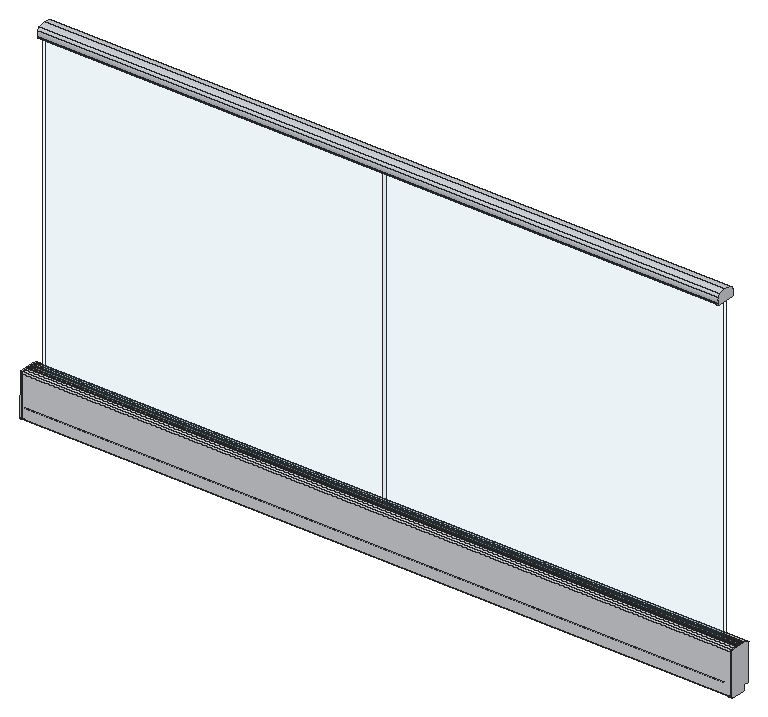
Revit family "Panorama", category Generic Models, Revit 2020 (continued)
Definition of nested family "ART TOP RAIL"
  Automatic sketch dimensions
    Extrusion 1 sketch curve to plane 1 "Center (Front/Back)" = 25.48 mm
    Extrusion 1 sketch curve to Extrusion 1 sketch curve = 10.175 mm
    level to Extrusion 1 sketch curve = 75.731 mm
    level to Extrusion 1 sketch curve = 120 mm
    Extrusion 1 sketch curve to Extrusion 1 sketch curve = 9.729 mm
    Extrusion 1 sketch curve to Extrusion 1 sketch curve = 9.845 mm
    Extrusion 1 sketch curve to Extrusion 1 sketch curve = 34.904 mm
    Extrusion 1 sketch curve to Extrusion 1 sketch curve = 3.391 mm
    Extrusion 1 sketch curve to Extrusion 1 sketch curve = 2.106 mm
    Extrusion 1 sketch curve to Extrusion 1 sketch curve = 0 mm  (x2)
    Sweep 2 sketch curve to profile plane = 0 mm  (x4)
    Sweep 2 sketch curve to Sweep 2 sketch curve = 1.984 mm
    Sweep 2 sketch curve to Sweep 2 sketch curve = 0 mm  (x2)
    Sweep 3 sketch curve to profile plane = 0 mm  (x2)
    profile plane to Sweep 3 sketch curve = 0 mm  (x2)
    Sweep 3 sketch curve to Sweep 3 sketch curve = 2 mm
    Sweep 3 sketch curve to Sweep 3 sketch curve = 0 mm  (x2)
Definition of nested family "PRR TOP RAIL"
  Parameters (values of type "PRR TOP RAIL")
    PRR TOP RAIL = yes
    Length [instance] = 1500 mm
    Default Elevation = 0 mm
  Reference planes
    plane 1 "Center (Front/Back)": y = 0
    plane 2: z = 0
    plane 3 "Center (Left/Right)": x = 0
    plane 4: x = 1500
  Forms (mm)
    Extrusion 1, solid, visible <- "PRR TOP RAIL"
      sketch origin (0, 0.231, 0) x (0, 1, 0) y (0, 0, 1)
        loop
          line (32.009, 24.295) -> (-31.981, 24.295)
          arc (-31.981, 24.295) -> (-33.391, 23.713) -> (-33.981, 22.305) r 2
          line (-33.981, 22.305) -> (-33.981, 2.295)
          arc (-33.981, 2.295) -> (-33.391, 0.877) -> (-31.97, 0.295) r 2
          line (-31.97, 0.295) -> (32.009, 0.295)
          arc (32.009, 0.295) -> (33.43, 0.884) -> (34.019, 2.305) r 2.011
          line (34.019, 2.305) -> (34.019, 22.305)
          arc (34.019, 22.305) -> (33.429, 23.72) -> (32.009, 24.295) r 1.99
      from 0 to 1500
  Dimensions and locks
    "Length": plane 3 "Center (Left/Right)" to plane 4
    Extrusion 1 to plane 1 "Center (Front/Back)" = 34.25 mm
    locked: plane 1 "Center (Front/Back)" to Extrusion 1 at 33.75
    aligned and locked: level to plane 2
    aligned and locked: plane 4 to Extrusion 1
  Automatic sketch dimensions
    level to Extrusion 1 sketch curve = 2.295 mm
    plane 1 "Center (Front/Back)" to Extrusion 1 sketch curve = 33.75 mm
    Extrusion 1 sketch curve to Extrusion 1 sketch curve = 2 mm  (x2)
    level to Extrusion 1 sketch curve = 0.295 mm
    Extrusion 1 sketch curve to plane 1 "Center (Front/Back)" = 32.239 mm
    Extrusion 1 sketch curve to Extrusion 1 sketch curve = 0 mm
    Extrusion 1 sketch curve to Extrusion 1 sketch curve = 0.021 mm
    Extrusion 1 sketch curve to Extrusion 1 sketch curve = 2.011 mm
    Extrusion 1 sketch curve to Extrusion 1 sketch curve = 20 mm  (x2)
Definition of nested family "VRR TOP RAIL"
  Parameters (values of type "VRR TOP RAIL")
    VRR TOP RAIL = yes
    Length [instance] = 301.459 mm
    Default Elevation = 0 mm
  Reference planes
    plane 1 "Center (Front/Back)": y = 0
    plane 2: z = 0
    plane 3 "Center (Left/Right)": x = 0
    plane 4: y = -301.459
  Forms (mm)
    Extrusion 1, solid, visible <- "VRR TOP RAIL"
      sketch origin (0, 0, 0) x (1, 0, 0) y (0, 0, 1)
        loop
          arc (-28.711, 42.472) -> (-30.125, 41.887) -> (-30.711, 40.472) r 2
          line (-30.711, 40.472) -> (-30.711, 14.446)
          arc (-30.711, 14.446) -> (-30.124, 13.028) -> (-28.705, 12.441) r 2.006
          line (-28.705, 12.441) -> (31.289, 12.441)
          arc (31.289, 12.441) -> (32.703, 13.026) -> (33.289, 14.441) r 2
          line (33.289, 14.441) -> (33.289, 40.472)
          arc (33.289, 40.472) -> (32.703, 41.887) -> (31.289, 42.472) r 2
          line (31.289, 42.472) -> (-28.711, 42.472)
      from 0 to 301.459
  Dimensions and locks
    "Length": plane 4 to plane 1 "Center (Front/Back)"
    aligned and locked: level to plane 2
    aligned and locked: Extrusion 1 to plane 4
    aligned and locked: Extrusion 1 to plane 1 "Center (Front/Back)"
  Automatic sketch dimensions
    Extrusion 1 sketch curve to plane 3 "Center (Left/Right)" = 30.711 mm
    Extrusion 1 sketch curve to Extrusion 1 sketch curve = 2 mm  (x2)
    Extrusion 1 sketch curve to Extrusion 1 sketch curve = 2.006 mm
    plane 3 "Center (Left/Right)" to Extrusion 1 sketch curve = 31.289 mm
    level to Extrusion 1 sketch curve = 12.441 mm
    Extrusion 1 sketch curve to Extrusion 1 sketch curve = 0 mm
    Extrusion 1 sketch curve to Extrusion 1 sketch curve = 26.026 mm
Definition of nested family "ART Side RAIL"
  Parameters (values of type "ART Side RAIL")
    Length [instance] = 500 mm
    Default Elevation = 0 mm
    ART TOP RAIL = yes
  Reference planes
    plane 1 "Center (Front/Back)": y = 0
    plane 2: z = 0
    plane 3 "Center (Left/Right)": x = 0
    plane 4: x = 500
  Forms (mm)
    Extrusion 1, solid, visible <- "ART TOP RAIL"
      sketch origin (0, 0, 96.171) x (0, 1, 0) y (0, 0, 1)
        loop
          arc (38.175, 37.309) -> (-2.586, 49.823) -> (-43.078, 36.466) r 70.267
          arc (-43.078, 36.466) -> (-44.561, 33.559) -> (-43.078, 30.652) r 3.59
          arc (-43.078, 30.652) -> (-36.808, 26.768) -> (-30.044, 23.829) r 51.019
          line (-30.044, 23.829) -> (25.48, 23.829)
          arc (25.48, 23.829) -> (32.062, 26.453) -> (38.175, 30.038) r 46.894
          arc (38.175, 30.038) -> (40.078, 33.674) -> (38.175, 37.309) r 4.423
      from 0 to 500
    Sweep 2, void
      path in 3D
        loop
          arc (500, 38.175, 133.48) -> (500, 40.078, 129.845) -> (500, 38.175, 126.209) r 4.423
          arc (500, 38.175, 126.209) -> (500, 32.062, 122.624) -> (500, 25.48, 120) r 46.894
          line (500, 25.48, 120) -> (500, -30.044, 120)
          arc (500, -30.044, 120) -> (500, -36.808, 122.939) -> (500, -43.078, 126.822) r 51.019
          arc (500, -43.078, 126.822) -> (500, -44.561, 129.729) -> (500, -43.078, 132.637) r 3.59
          arc (500, -43.078, 132.637) -> (500, -2.586, 145.994) -> (500, 38.175, 133.48) r 70.267
      profile origin (500, -2.586, 145.994) x (0, -0.01038, 0.999946) y (1, 0, 0)
        loop
          line (0, 0) -> (-1.984, 0)
          arc (-1.984, 0) -> (-0.581, -0.581) -> (0, -1.984) r 1.984
          line (0, -1.984) -> (0, 0)
    Sweep 3, void
      path in 3D
        loop
          arc (0, -43.078, 132.637) -> (0, -44.561, 129.729) -> (0, -43.078, 126.822) r 3.59
          arc (0, -43.078, 126.822) -> (0, -36.808, 122.939) -> (0, -30.044, 120) r 51.019
          line (0, -30.044, 120) -> (0, 25.48, 120)
          arc (0, 25.48, 120) -> (0, 32.062, 122.624) -> (0, 38.175, 126.209) r 46.894
          arc (0, 38.175, 126.209) -> (0, 40.078, 129.845) -> (0, 38.175, 133.48) r 4.423
          arc (0, 38.175, 133.48) -> (0, -2.586, 145.994) -> (0, -43.078, 132.637) r 70.267
      profile origin (0, -2.586, 145.994) x (0, -0.01038, 0.999946) y (-1, 0, 0)
        loop
          line (0, 0) -> (-2, 0)
          arc (-2, 0) -> (-0.586, -0.586) -> (0, -2) r 2
          line (0, -2) -> (0, 0)
  Cuts and joins
    Sweep 2, Sweep 3 cuts Extrusion 1
  Lines and regions (mm)
    sketch lines
      curve 1: arc (500, -43.078, 132.637) -> (500, -2.586, 145.994) -> (500, 38.175, 133.48) r 70.267
      curve 2: arc (500, -43.078, 126.822) -> (500, -44.561, 129.729) -> (500, -43.078, 132.637) r 3.59
      curve 3: arc (500, -30.044, 120) -> (500, -36.808, 122.939) -> (500, -43.078, 126.822) r 51.019
      curve 4: line (500, -30.044, 120) -> (500, 25.48, 120)
      curve 5: arc (500, 38.175, 126.209) -> (500, 32.062, 122.624) -> (500, 25.48, 120) r 46.894
      curve 6: arc (500, 38.175, 133.48) -> (500, 40.078, 129.845) -> (500, 38.175, 126.209) r 4.423
      curve 7: arc (0, 38.175, 133.48) -> (0, -2.586, 145.994) -> (0, -43.078, 132.637) r 70.267
      curve 8: arc (0, -43.078, 132.637) -> (0, -44.561, 129.729) -> (0, -43.078, 126.822) r 3.59
      curve 9: arc (0, -43.078, 126.822) -> (0, -36.808, 122.939) -> (0, -30.044, 120) r 51.019
      curve 10: line (0, 25.48, 120) -> (0, -30.044, 120)
      curve 11: arc (0, 25.48, 120) -> (0, 32.062, 122.624) -> (0, 38.175, 126.209) r 46.894
      curve 12: arc (0, 38.175, 126.209) -> (0, 40.078, 129.845) -> (0, 38.175, 133.48) r 4.423
  Dimensions and locks
    "Length": plane 3 "Center (Left/Right)" to plane 4
    aligned and locked: level to plane 2
    aligned and locked: plane 4 to Extrusion 1
    aligned and locked: Extrusion 1 to plane 3 "Center (Left/Right)"
  Automatic sketch dimensions
    plane 1 "Center (Front/Back)" to Extrusion 1 sketch curve = 40.972 mm
    Extrusion 1 sketch curve to Extrusion 1 sketch curve = 10.928 mm
    plane 1 "Center (Front/Back)" to Extrusion 1 sketch curve = 13.148 mm
    plane 1 "Center (Front/Back)" to Extrusion 1 sketch curve = 1.856 mm
    Extrusion 1 sketch curve to plane 1 "Center (Front/Back)" = 11.459 mm
    Extrusion 1 sketch curve to plane 1 "Center (Front/Back)" = 25.48 mm
    Extrusion 1 sketch curve to Extrusion 1 sketch curve = 10.175 mm
    level to Extrusion 1 sketch curve = 75.731 mm
    level to Extrusion 1 sketch curve = 120 mm
    Extrusion 1 sketch curve to Extrusion 1 sketch curve = 9.729 mm
    Extrusion 1 sketch curve to Extrusion 1 sketch curve = 9.845 mm
    Extrusion 1 sketch curve to Extrusion 1 sketch curve = 34.904 mm
    Extrusion 1 sketch curve to Extrusion 1 sketch curve = 3.391 mm
    Extrusion 1 sketch curve to Extrusion 1 sketch curve = 2.106 mm
    Extrusion 1 sketch curve to Extrusion 1 sketch curve = 0 mm  (x2)
    Sweep 2 sketch curve to profile plane = 0 mm  (x4)
    Sweep 2 sketch curve to Sweep 2 sketch curve = 1.984 mm
    Sweep 2 sketch curve to Sweep 2 sketch curve = 0 mm  (x2)
    Sweep 3 sketch curve to profile plane = 0 mm  (x2)
    profile plane to Sweep 3 sketch curve = 0 mm  (x2)
    Sweep 3 sketch curve to Sweep 3 sketch curve = 2 mm
    Sweep 3 sketch curve to Sweep 3 sketch curve = 0 mm  (x2)
Definition of nested family "PRR Side rail"
  Parameters (values of type "PRR Side rail")
    PRR TOP RAIL = yes
    Length [instance] = 1500 mm
    Default Elevation = 0 mm
  Reference planes
    plane 1 "Center (Front/Back)": y = 0
    plane 2: z = 0
    plane 3 "Center (Left/Right)": x = 0
    plane 4: x = 1500
  Forms (mm)
    Extrusion 1, solid, visible <- "PRR TOP RAIL"
      sketch origin (0, 0.231, 0) x (0, 1, 0) y (0, 0, 1)
        loop
          line (32.009, 24.295) -> (-31.981, 24.295)
          arc (-31.981, 24.295) -> (-33.391, 23.713) -> (-33.981, 22.305) r 2
          line (-33.981, 22.305) -> (-33.981, 2.295)
          arc (-33.981, 2.295) -> (-33.391, 0.877) -> (-31.97, 0.295) r 2
          line (-31.97, 0.295) -> (32.009, 0.295)
          arc (32.009, 0.295) -> (33.43, 0.884) -> (34.019, 2.305) r 2.011
          line (34.019, 2.305) -> (34.019, 22.305)
          arc (34.019, 22.305) -> (33.429, 23.72) -> (32.009, 24.295) r 1.99
      from 0 to 1500
  Dimensions and locks
    "Length": plane 3 "Center (Left/Right)" to plane 4
    Extrusion 1 to plane 1 "Center (Front/Back)" = 34.25 mm
    locked: plane 1 "Center (Front/Back)" to Extrusion 1 at 33.75
    aligned and locked: level to plane 2
    aligned and locked: plane 4 to Extrusion 1
  Automatic sketch dimensions
    level to Extrusion 1 sketch curve = 2.295 mm
    plane 1 "Center (Front/Back)" to Extrusion 1 sketch curve = 33.75 mm
    Extrusion 1 sketch curve to Extrusion 1 sketch curve = 2 mm  (x2)
    level to Extrusion 1 sketch curve = 0.295 mm
    Extrusion 1 sketch curve to plane 1 "Center (Front/Back)" = 32.239 mm
    Extrusion 1 sketch curve to Extrusion 1 sketch curve = 0 mm
    Extrusion 1 sketch curve to Extrusion 1 sketch curve = 0.021 mm
    Extrusion 1 sketch curve to Extrusion 1 sketch curve = 2.011 mm
    Extrusion 1 sketch curve to Extrusion 1 sketch curve = 20 mm  (x2)
Definition of nested family "VRR SIDE RAIL"
  Parameters (values of type "VRR SIDE RAIL")
    VRR TOP RAIL = yes
    Length [instance] = 301.459 mm
    Default Elevation = 0 mm
  Reference planes
    plane 1 "Center (Front/Back)": y = 0
    plane 2: z = 0
    plane 3 "Center (Left/Right)": x = 0
    plane 4: y = -301.459
  Forms (mm)
    Extrusion 1, solid, visible <- "VRR TOP RAIL"
      sketch origin (0, 0, 0) x (1, 0, 0) y (0, 0, 1)
        loop
          arc (-28.711, 42.472) -> (-30.125, 41.887) -> (-30.711, 40.472) r 2
          line (-30.711, 40.472) -> (-30.711, 14.446)
          arc (-30.711, 14.446) -> (-30.124, 13.028) -> (-28.705, 12.441) r 2.006
          line (-28.705, 12.441) -> (31.289, 12.441)
          arc (31.289, 12.441) -> (32.703, 13.026) -> (33.289, 14.441) r 2
          line (33.289, 14.441) -> (33.289, 40.472)
          arc (33.289, 40.472) -> (32.703, 41.887) -> (31.289, 42.472) r 2
          line (31.289, 42.472) -> (-28.711, 42.472)
      from 0 to 301.459
  Dimensions and locks
    "Length": plane 4 to plane 1 "Center (Front/Back)"
    aligned and locked: level to plane 2
    aligned and locked: Extrusion 1 to plane 4
    aligned and locked: Extrusion 1 to plane 1 "Center (Front/Back)"
  Automatic sketch dimensions
    Extrusion 1 sketch curve to plane 3 "Center (Left/Right)" = 30.711 mm
    Extrusion 1 sketch curve to Extrusion 1 sketch curve = 2 mm  (x2)
    Extrusion 1 sketch curve to Extrusion 1 sketch curve = 2.006 mm
    plane 3 "Center (Left/Right)" to Extrusion 1 sketch curve = 31.289 mm
    level to Extrusion 1 sketch curve = 12.441 mm
    Extrusion 1 sketch curve to Extrusion 1 sketch curve = 0 mm
    Extrusion 1 sketch curve to Extrusion 1 sketch curve = 26.026 mm
Definition of nested family "VRT SIDE RAIL"
  Parameters (values of type "VRT SIDE RAIL")
    VRT TOP RAIL = yes
    Length [instance] = 500 mm
    Default Elevation = 0 mm
  Reference planes
    plane 1 "Center (Front/Back)": y = 0
    plane 2: z = 0
    plane 3 "Center (Left/Right)": x = 0
    plane 4: x = 500
  Forms (mm)
    Extrusion 1, solid, visible <- "VRT TOP RAIL"
      sketch origin (0, 0, 0) x (0, 1, 0) y (0, 0, 1)
        loop
          arc (27.348, 36.161) -> (13.913, 40.274) -> (-0.09, 41.433) r 65.633
          arc (-0.09, 41.433) -> (-12.442, 39.949) -> (-24.291, 36.161) r 65.633
          arc (-24.291, 36.161) -> (-27.669, 31.422) -> (-29.647, 25.948) r 21.42
          arc (-29.647, 25.948) -> (-30.392, 16.537) -> (-28.667, 7.255) r 36.031
          arc (-28.667, 7.255) -> (-27.781, 5.058) -> (-25.673, 3.976) r 3.392
          line (-25.673, 3.976) -> (28.021, 3.976)
          arc (28.021, 3.976) -> (30.646, 5.01) -> (31.859, 7.557) r 3.847
          arc (31.859, 7.557) -> (33.314, 15.72) -> (33.016, 24.005) r 39.136
          arc (33.016, 24.005) -> (31.083, 30.503) -> (27.348, 36.161) r 23.118
      from 0 to 500
    Sweep 2, void
      path in 3D
        loop
          arc (500, -0.09, 41.433) -> (500, 13.913, 40.274) -> (500, 27.348, 36.161) r 65.633
          arc (500, 27.348, 36.161) -> (500, 31.083, 30.503) -> (500, 33.016, 24.005) r 23.118
          arc (500, 33.016, 24.005) -> (500, 33.314, 15.72) -> (500, 31.859, 7.557) r 39.136
          arc (500, 31.859, 7.557) -> (500, 30.646, 5.01) -> (500, 28.021, 3.976) r 3.847
          line (500, 28.021, 3.976) -> (500, -25.673, 3.976)
          arc (500, -25.673, 3.976) -> (500, -27.781, 5.058) -> (500, -28.667, 7.255) r 3.392
          arc (500, -28.667, 7.255) -> (500, -30.392, 16.537) -> (500, -29.647, 25.948) r 36.031
          arc (500, -29.647, 25.948) -> (500, -27.669, 31.422) -> (500, -24.291, 36.161) r 21.42
          arc (500, -24.291, 36.161) -> (500, -12.442, 39.949) -> (500, -0.09, 41.433) r 65.633
      profile origin (500, -12.442, 39.949) x (0, -0.212847, 0.977085) y (1, 0, 0)
        loop
          line (0, 0) -> (-2.5, 0)
          arc (-2.5, 0) -> (-0.732, -0.732) -> (0, -2.5) r 2.5
          line (0, -2.5) -> (0, 0)
  Lines and regions (mm)
    sketch lines
      curve 1: arc (500, -24.291, 36.161) -> (500, -12.442, 39.949) -> (500, -0.09, 41.433) r 65.633
      curve 2: arc (500, -0.09, 41.433) -> (500, 13.913, 40.274) -> (500, 27.348, 36.161) r 65.633
      curve 3: arc (500, 27.348, 36.161) -> (500, 31.083, 30.503) -> (500, 33.016, 24.005) r 23.118
      curve 4: arc (500, 33.016, 24.005) -> (500, 33.314, 15.72) -> (500, 31.859, 7.557) r 39.136
      curve 5: arc (500, 31.859, 7.557) -> (500, 30.646, 5.01) -> (500, 28.021, 3.976) r 3.847
      curve 6: line (500, -25.673, 3.976) -> (500, 28.021, 3.976)
      curve 7: arc (500, -25.673, 3.976) -> (500, -27.781, 5.058) -> (500, -28.667, 7.255) r 3.392
      curve 8: arc (500, -28.667, 7.255) -> (500, -30.392, 16.537) -> (500, -29.647, 25.948) r 36.031
      curve 9: arc (500, -29.647, 25.948) -> (500, -27.669, 31.422) -> (500, -24.291, 36.161) r 21.42
  Dimensions and locks
    "Length": plane 3 "Center (Left/Right)" to plane 4
    aligned and locked: level to plane 2
    aligned and locked: plane 4 to Extrusion 1
    aligned and locked: Extrusion 1 to plane 3 "Center (Left/Right)"
  Automatic sketch dimensions
    Extrusion 1 sketch curve to Extrusion 1 sketch curve = 0 mm  (x3)
    level to Extrusion 1 sketch curve = 3.976 mm
    plane 1 "Center (Front/Back)" to Extrusion 1 sketch curve = 25.673 mm
    Extrusion 1 sketch curve to Extrusion 1 sketch curve = 0.397 mm
    plane 1 "Center (Front/Back)" to Extrusion 1 sketch curve = 8.7 mm
    Extrusion 1 sketch curve to Extrusion 1 sketch curve = 2.974 mm
    Extrusion 1 sketch curve to plane 1 "Center (Front/Back)" = 1.528 mm
    Extrusion 1 sketch curve to plane 1 "Center (Front/Back)" = 5.59 mm
    Extrusion 1 sketch curve to Extrusion 1 sketch curve = 4.541 mm
    level to Extrusion 1 sketch curve = 7.823 mm
    Extrusion 1 sketch curve to Extrusion 1 sketch curve = 17.89 mm
    Extrusion 1 sketch curve to level = 24.18 mm
    Extrusion 1 sketch curve to Extrusion 1 sketch curve = 3.369 mm
    level to Extrusion 1 sketch curve = 18.422 mm
    Extrusion 1 sketch curve to Extrusion 1 sketch curve = 0.044 mm
    Extrusion 1 sketch curve to Extrusion 1 sketch curve = 2.311 mm
    Extrusion 1 sketch curve to Extrusion 1 sketch curve = 3.008 mm
    Extrusion 1 sketch curve to Extrusion 1 sketch curve = 3.391 mm
    Extrusion 1 sketch curve to Extrusion 1 sketch curve = 5.356 mm
    plane 1 "Center (Front/Back)" to Extrusion 1 sketch curve = 0.09 mm
    Extrusion 1 sketch curve to Extrusion 1 sketch curve = 17.217 mm
    Extrusion 1 sketch curve to Extrusion 1 sketch curve = 3.838 mm
    Sweep 2 sketch curve to profile plane = 0 mm  (x4)
    profile plane to Sweep 2 sketch curve = 2.5 mm
    Sweep 2 sketch curve to Sweep 2 sketch curve = 0 mm  (x2)
Definition of nested family "LRS Hand rail"
  Parameters (values of type "LRS Hand rail")
    Length [instance] = 760 mm
    LLR (Round hand rail) = no
    Default Elevation = 0 mm
  Reference planes
    plane 1 "Center (Front/Back)": y = 0
    plane 2: z = 0
    plane 3 "Center (Left/Right)": x = 0
    plane 4 "Rear of rail": x = 760
  Forms (mm)
    Extrusion 1, solid, visible <- "LLR (Round hand rail)"
      sketch origin (0, 0, 0) x (0, 1, 0) y (0, 0, 1)
        loop
          arc (7.665, 1017.727) -> (0.165, 1060.388) -> (-7.335, 1017.727) r 21.99
          line (-7.335, 1017.727) -> (-7.335, 1036.761) -> (7.665, 1036.761) -> (7.665, 1017.727)
      from 0 to 760
    Extrusion 2, solid, visible <- "LLR (Round hand rail)"
      sketch origin (0, 0, 0) x (0, 1, 0) y (0, 0, 1)
        loop
          circle (0.165, 1038.398) r 21.99
      from 0 to -5
    Extrusion 3, solid, visible <- "LLR (Round hand rail)"
      sketch origin (760, 0, 0) x (0, 0, -1) y (0, -1, 0)
        loop
          circle (-1038.398, -0.165) r 21.99
      from 0 to -5
    Extrusion 4, solid, visible <- "LLR (Round hand rail)", not visible
      sketch origin (0, 0, 0) x (0, 1, 0) y (0, 0, 1)
        loop
          arc (7.665, 1017.727) -> (0.165, 1060.388) -> (-7.335, 1017.727) r 21.99
          line (-7.335, 1017.727) -> (-7.335, 1036.761) -> (7.665, 1036.761) -> (7.665, 1017.727)
      from 0 to 760
    Extrusion 5, solid, not visible
      sketch origin (0, 0, 0) x (0, 1, 0) y (0, 0, 1)
        loop
          circle (0.165, 1038.398) r 21.99
      from 0 to -5
    Extrusion 6, solid, not visible
      sketch origin (760, 0, 0) x (0, 0, -1) y (0, -1, 0)
        loop
          circle (-1038.398, -0.165) r 21.99
      from 0 to -5
  Dimensions and locks
    "Length": plane 4 "Rear of rail" to plane 3 "Center (Left/Right)"
    aligned and locked: level to plane 2
    aligned and locked: Extrusion 1 to plane 4 "Rear of rail"
    aligned and locked: Extrusion 2 sketch curve to Extrusion 1
    aligned and locked: Extrusion 3 sketch curve to Extrusion 1
    aligned and locked: Extrusion 5 sketch curve to Extrusion 4
    aligned and locked: Extrusion 6 sketch curve to Extrusion 4
    aligned and locked: Extrusion 1 to Extrusion 3
    aligned and locked: Extrusion 1 to Extrusion 2
  Automatic sketch dimensions
    Extrusion 1 sketch curve to Extrusion 1 sketch curve = 19.034 mm
    Extrusion 1 sketch curve to Extrusion 1 sketch curve = 1.637 mm
    Extrusion 1 sketch curve to Extrusion 1 sketch curve = 7.5 mm
    Extrusion 1 sketch curve to Extrusion 1 sketch curve = 15 mm
    Extrusion 4 sketch curve to Extrusion 4 sketch curve = 19.034 mm
    Extrusion 4 sketch curve to Extrusion 4 sketch curve = 1.637 mm
    Extrusion 4 sketch curve to Extrusion 4 sketch curve = 7.5 mm
    Extrusion 4 sketch curve to Extrusion 4 sketch curve = 15 mm
    plane 1 "Center (Front/Back)" to Extrusion 1 sketch curve = 7.335 mm
    level to Extrusion 1 sketch curve = 1017.727 mm
Types (14, lengths in mm): name | Height | VRT(Side fix) | VRT (Top rail) | VRR (Top rail) | VRR (Side fix) | VRE (Top rail) | VRE (Side fix) | Panel Size | PRR(Side fix) | PRR (Top Rail) | Model | Length | LRS (Top rail) | LRR ( Side fix Round hand rail) | Keynote | Hand rail space | Hand rail brackets | Glass Height | End gap | Description | C2C | Arena points total | Arena QTY per panel | ART (side fix) | ART (Top rail) | ARN (Top rail)
  PANORAMA ( No Rails)*Sentry glass only | 1400 | no | no | no | no | no | no | 1200 | no | no | "UNEX, PANORAMA SIDE FIXED WITH TOP (ARN)" | 2500 | no | no | "UNEX SYSTEMS, PANORAMA SIDE FIXED BALUSTRADE" | 1000 | no | 1356 | 50 | "UNEX PANORAMA FRAMELESS GLASS WITH ARN RAIL" | 2400 | 12 | 6 | no | no | yes
  PANORAMA (ARN Top rail) | 1200 | no | no | no | no | no | no | 1200 | no | no | "UNEX, PANORAMA SIDE FIXED WITH TOP (ARN)" | 2500 | no | no | "UNEX SYSTEMS, PANORAMA SIDE FIXED BALUSTRADE" | 1000 | no | 1156 | 50 | "UNEX PANORAMA FRAMELESS GLASS WITH ARN RAIL" | 2400 | 12 | 6 | no | no | yes
  PANORAMA (ART Top rail) | 1218 | no | no | no | no | no | no | 1200 | no | no | "UNEX, PANORAMA SIDE FIXED WITH TOP (ART)" | 2500 | no | no | "UNEX SYSTEMS, PANORAMA SIDE FIXED BALUSTRADE" | 1000 | no | 1174 | 50 | "UNEX PANORAMA FRAMELESS GLASS WITH ART TOP RAIL" | 2400 | 12 | 6 | no | yes | no
  PANORAMA (PRR Top rail) | 1218 | no | no | no | no | no | no | 1200 | no | yes | "UNEX, PANORAMA SIDE FIXED WITH TOP (PRR)" | 2500 | no | no | "UNEX SYSTEMS, PANORAMA SIDE FIXED BALUSTRADE" | 1000 | no | 1174 | 50 | "UNEX METROPOLIS FRAMELESS GLASS WITH……  RAIL\r\n\r\nUNEX PANORAMA FRAMELESS GLASS WITH PRR TOP RAIL" | 2400 | 12 | 6 | no | no | no
  PANORAMA (VRE Top rail) | 1218 | no | no | no | no | yes | no | 1200 | no | no | "UNEX, PANORAMA SIDE FIXED WITH TOP (VRE)" | 2500 | no | no | "UNEX SYSTEMS, PANORAMA SIDE FIXED BALUSTRADE" | 1000 | no | 1174 | 50 | "UNEX PANORAMA FRAMELESS GLASS WITH VRE TOP RAIL" | 2400 | 12 | 6 | no | no | no
  PANORAMA (VRR Top rail) | 1218 | no | no | yes | no | no | no | 1250 | no | no | "UNEX, PANORAMA SIDE FIXED WITH TOP (VRR)" | 2500 | no | no | "UNEX SYSTEMS, PANORAMA SIDE FIXED BALUSTRADE" | 1050 | no | 1174 | 0 | "UNEX PANORAMA FRAMELESS GLASS WITH VRR TOP RAIL" | 2500 | 12 | 6 | no | no | no
  PANORAMA (VRT Top rail) | 1218 | no | yes | no | no | no | no | 1200 | no | no | "UNEX, PANORAMA SIDE FIXED WITH TOP (VRT)" | 2500 | no | no | "UNEX SYSTEMS, PANORAMA SIDE FIXED BALUSTRADE" | 1000 | no | 1174 | 50 | "UNEX PANORAMA FRAMELESS GLASS WITH VRT TOP RAIL" | 2400 | 12 | 6 | no | no | no
  PANORAMA ( LRR Side rail) *Sentry glass only | 1218 | no | no | no | no | no | no | 1200 | no | no | "UNEX, PANORAMA SIDE FIXED (LRR SIDE RAIL)" | 2500 | no | yes | "UNEX SYSTEMS, PANORAMA SIDE FIXED BALUSTRADE" | 1000 | yes | 1174 | 50 | "UNEX PANORAMA FRAMELESS SENTRY GLASS WITH LRR SIDE RAIL" | 2400 | 12 | 6 | no | no | no
  PANORAMA (LRS Top rail) | 1218 | no | no | no | no | no | no | 1350 | no | no | "UNEX, PANORAMA SIDE FIXED WITH TOP (LRS)" | 2800 | yes | no | "UNEX SYSTEMS, PANORAMA SIDE FIXED BALUSTRADE" | 1150 | no | 1174 | 50 | "UNEX PANORAMA FRAMELESS GLASS WITH LRS TOP RAIL" | 2700 | 14 | 7 | no | no | no
  PANORAMA (ART Side fix)*Sentry glass only | 1218 | no | no | no | no | no | no | 1200 | no | no | "UNEX, PANORAMA SIDE FIXED WITH SIDE (ART)" | 2500 | no | no | "UNEX SYSTEMS, PANORAMA  SIDE FIXED BALUSTRADE" | 1000 | yes | 1174 | 50 | "UNEX PANORAMA FRAMELESS SENTRY GLASS WITH ART SIDE RAIL" | 2400 | 12 | 6 | yes | no | no
  PANORAMA (PRR Side fix)*Sentry glass only | 1218 | no | no | no | no | no | no | 1200 | yes | no | "UNEX, PANORAMA SIDE FIXED WITH SIDE (PRR)" | 2500 | no | no | "UNEX SYSTEMS, PANORAMA SIDE FIXED BALUSTRADE" | 1000 | yes | 1174 | 50 | "UNEX PANORAMA FRAMELESS SENTRY GLASS WITH PRR RAIL" | 2400 | 12 | 6 | no | no | no
  PANORAMA ( VRE side rail )*Sentry glass only | 1218 | no | no | no | no | no | yes | 1200 | no | no | "UNEX, PANORAMA SIDE FIXED WITH SIDE  (VRE)" | 2500 | no | no | "UNEX SYSTEMS, PANORAMA SIDE FIXED BALUSTRADE" | 1000 | yes | 1174 | 50 | "UNEX PANORAMA FRAMELESS SENTRY GLASS WITH VRE RAIL" | 2400 | 12 | 6 | no | no | no
  PANORAMA ( VRR side rail )*Sentry glass only | 1218 | no | no | no | yes | no | no | 1200 | no | no | "UNEX, PANORAMA SIDE FIXED WITH SIDE (VRR)" | 2500 | no | no | "UNEX SYSTEMS, PANORAMA SIDE FIXED BALUSTRADE" | 1000 | yes | 1174 | 50 | "UNEX PANORAMA FRAMELESS SENTRY GLASS WITH VRR SIDE RAIL" | 2400 | 12 | 6 | no | no | no
  PANORAMA ( VRT side rail )*Sentry glass only | 1218 | yes | no | no | no | no | no | 1200 | no | no | "UNEX, PANORAMA  SIDE FIXED WITH SIDE (VRT)" | 2500 | no | no | "UNEX SYSTEMS,PANORAMA SIDE FIXED BALUSTRADE" | 1000 | yes | 1174 | 50 | "UNEX PANORAMA FRAMELESS  SENTRY GLASS WITH VRT SIDE RAIL" | 2400 | 12 | 6 | no | no | no
